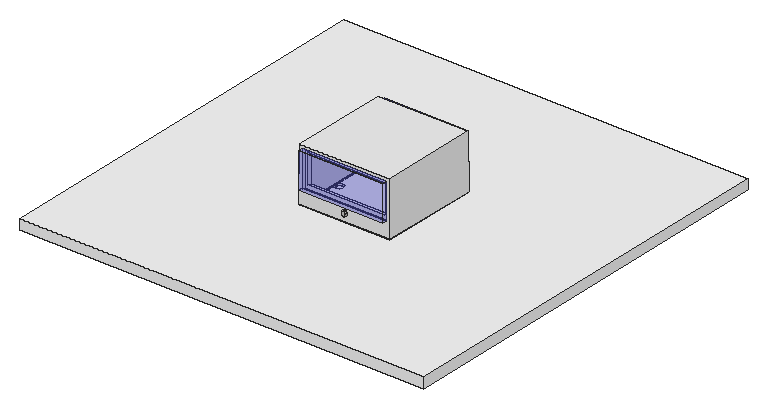
Revit family "BE_23013.1_de_DE", category Leuchten, Revit 2020
Family settings
  Basisbauteil = Fläche
  Bemaßung runder Anschluss = Durchmesser verwenden
  Teiletyp = Normal
  Beim Laden mit Abzugskörper schneiden = Ja
  Lichtquelle = Ja
  Gemeinsam genutzt = Nein
  Raumberechnungspunkt = Ja
Parameters (values of type "BEGA_23013.1_K3")
  built-in parameter 1150104 = 11.724 (stored number, unit not read)
  Wattage = 4.2 W
  Default Elevation = 0 mm
  built-in parameter 1150113 = 1 (stored number, unit not read)
  built-in parameter 1114218 = 1 (stored number, unit not read)
  Umgebungstemperatur = "25 °C"
  URL = "http://www.bega.de/de/produkt/23013.1"
  Typenkommentare = "© 2022 BEGA. Wir behalten uns das Recht vor, technische Änderungen ohne vorherige Ankündigung vorzunehmen."  # constant formula
  built-in parameter 1150134 = 12
  built-in parameter 1150109 = 1 (stored number, unit not read)
  Strom = ""
  built-in parameter 1150110 = 1 (stored number, unit not read)
  Spannung = 239.996 V
  Sonderanfertigung = no
  Seriennummer [instance] = "Hier können Sie die eindeutige Seriennummer für das Facility Management eintragen."
  Schutzklasse = "I"
  Schutzart = "IP 20"
  Scheinlast = 0 VA
  Produktdatenblatt = "http://www.bega.de/download/Xrfa/db/23013.1.db.de.pdf"
  Oberflächentemperatur = ""
  Neigungswinkel = 0.00°
  Model = "23013.1K4"
  Material_17 = BEGA_Reflektor
  Material_15 = BEGA_Leuchtmedium_matt
  Material_11 = BEGA_Glas_opal
  Material_09 = BEGA_Glas_klar
  Material_08 = BEGA_Oberfläche_Stahl_verzinkt
  Material_06 = BEGA_Oberfläche_Edelstahl_gebürstet
  Material_05 = BEGA_Oberfläche_Aluminium Guss
  Material_03 = BEGA_Oberfläche_Weiss_matt
  Material_02 = BEGA_Oberfläche_Silber_matt
  Material_01 [instance] = BEGA_Oberfläche_Grafit_matt
  M_W = no
  M_G = no
  M_A = no
  Logo = 0
  built-in parameter 1114217 = 1 (stored number, unit not read)
  built-in parameter 1150139 = (empty or 0)
  built-in parameter 1150105 = 42.179 (stored number, unit not read)
  built-in parameter 1150114 = 1 (stored number, unit not read)
  Lumens = 530.04 lm
  built-in parameter 1150115 = 1 (stored number, unit not read)
  Leuchtenlichtstrom = "229 lm"
  Leuchtenanzahl = ""
  Lebensdauerkriterien = "L70B50 @ 25 °C = 445000 h"
  Lastklassifizierung = Beleuchtung
  built-in parameter 1150112 = 1 (stored number, unit not read)
  Lampenlichtstrom = "530 lm"
  Lamp = "LED 4.2 W"
  LED_Modulbezeichnung = "2x LED-0234/940"
  Hersteller = "BEGA"  # constant formula
  Halbstreuwinkel = ""
  Gewicht = "0.7 kg"
  Gebrauchslageneinschränkung [instance] = ""
  Frequenz = "0/50-60 Hz"
  Farbwiedergabeindex = "CRI > 90"
  Farbtemperaturverschiebung bei Dämpfen der Lampe = <Keine Auswahl>
  Farbtemperatur = "4000 K"
  Color Filter = 16777215
  built-in parameter 1150133 = 10 (stored number, unit not read)
  Energieeffizienzklasse = "LED A++ - A"
  built-in parameter 1150137 = (empty or 0)
  built-in parameter 1150132 = (empty or 0)
  ENEC = "ja"
  Dimmbar [instance] = ""
  Photometric Web File = "BE_23013.1K4.IES"
  CE_Konformität = "ja"
  Bestellnummer = "23013.1K4"
  Beschreibung_Sonderanfertigung = "Hier können Sie Informationen zur Sonderanfertigung eintragen."
  Beschreibung = "Wandleuchte"
  built-in parameter 1150106 = 0.42179 (stored number, unit not read)
  Befestigungsbohrung = ""
  Befestigungsabstand = "68 mm"
  Ballwurfsicher = ""
  BEGA_Intern_aus = yes
  BEGA_Intern_an = yes
  BEGA_Intern_Konstruktion = yes
  BEGA_Intern = yes
  BEGA_IES = yes
  BEGA_Dummy = no
  Anschlussleitung = ""
  Anschlussleistung [instance] = "6 W"
  Anschlusskasten = ""
  built-in parameter 1150107 = 4000 (stored number, unit not read)
  built-in parameter 1150102 = (empty or 0)
  built-in parameter 1150138 = (empty or 0)
  Aktualisierung = "2019-07-05T04:00:16"
  Abstand_zur_angestrahlten_Fläche [instance] = ""
  AC/DC = "AC/DC"
Reference planes
  plane 1 "Mitte (Vorne/Hinten)": y = 0
  plane 2: z = 0
  plane 3 "Mitte (Links/Rechts)": x = 0
  plane 4 "Links": x = -45
  plane 5 "Rechts": x = 45
  plane 6 "Unten": y = -53.25
  plane 7 "Oben": y = 53.25
  plane 8 "Vorne": z = 54
  plane 9 "Hinten": z = 1
Forms (mm)
  Extrusion 1, solid, material "BEGA_Platte_Weiss"
    sketch origin (0, -1119.2, 0) x (1, 0, 0) y (0, 1, 0)
      loop
        line (-200, 1319.2) -> (-200, 919.2) -> (200, 919.2) -> (200, 1319.2) -> (-200, 1319.2)
    from 0 to -10
  Extrusion 2, solid, material "BEGA_Dummy_matt", visible <- "BEGA_Dummy"
    sketch origin (80.095, -76.023, 0) x (1, 0, 0) y (0, 1, 0)
      loop
        line (-125.095, 129.273) -> (-125.095, 22.773) -> (-35.095, 22.773) -> (-35.095, 129.273) -> (-125.095, 129.273)
    from 0 to 54
Dimensions and locks
  plane 1 "Mitte (Vorne/Hinten)" to Extrusion 1 = 200 mm
  aligned and locked: plane 2 to Extrusion 1
  aligned and locked: level to Extrusion 1
Nested families
  nested 1: "BE_23013.1" at (0, 0, 0), type "BE_23013.1"
Connectors
  electrical at (0, 0, 0), driven by "Lastklassifizierung", driven by "Spannung", driven by "Scheinlast"
    settings: index 1, voltage 239.996 V, apparent load 0 VA, apparent load phase1 0 VA, apparent load phase2 0 VA, apparent load phase3 0 VA, power factor 1, load classification "Beleuchtung", number of poles 1, system type 31, power factor state 1, is connector primary yes, connector utility no, sub classification motor no, connector description ""
Definition of nested family "BE_23013.1"
  Parameters (values of type "BE_23013.1")
    Default Elevation = 1 mm
    URL = "http://www.bega.de/de/produkt"
    Type Comments = "© 2015 BEGA. Wir behalten uns das Recht vor, technische Änderungen ohne vorherige Ankündigung vorzunehmen. "  # constant formula
    Type Image = (empty or 0)
    Neigungswinkel_um_Z2 = 0.00°
    Neigungswinkel_um_Z1 = 0.00°
    Neigungswinkel_um_Y2 = 0.00°
    Neigungswinkel_um_Y1 = 0.00°
    Neigungswinkel_um_X2 = 0.00°
    Neigungswinkel_um_X1 = 0.00°
    Material_17 = none
    Material_15 = none
    Material_11 = none
    Material_09 = none
    Material_08 = none
    Material_06 = none
    Material_05 = none
    Material_03 = none
    Material_02 = none
    Material_01 = none
    M_W = yes
    M_G = yes
    M_A = yes
    Länge_Platte = 200 mm  # constant formula
    Höhe_Platte = -10 mm  # constant formula
    Manufacturer = "BEGA"  # constant formula
    Drehwinkel_um_Z2 = 0.00°
    Drehwinkel_um_Z1 = 0.00°
    Breite_Platte = 200 mm  # constant formula
  Reference planes
    plane 1 "Mitte (Oben/Unten)": y = 0
    plane 2: z = 0
    plane 3 "Mitte (Links/Rechts)": x = 0
    plane 4: x = -45
    plane 5: z = 54
    plane 6: x = 45
    plane 7: y = 53.25
    plane 8: y = -53.25
  Forms (mm)
    Extrusion 1, solid, detail levels medium
      sketch origin (0, 0, 0) x (1, 0, 0) y (0, 1, 0)
        loop
          line (-100, 100) -> (-100, -100) -> (100, -100) -> (100, 100) -> (-100, 100)
      from 0 to -10 <- "Höhe_Platte"
    Extrusion 2, solid, material <- "Material_03", detail levels medium+fine
      sketch origin (0, 0, 0) x (0, 1, 0) y (0, 0, 1)
        loop
          line (48.25, 1) -> (48.25, 54) -> (-48.25, 54) -> (-48.25, 1) -> (-45.835, 1) -> (-45.835, 52) -> (45.835, 52) -> (45.835, 1) -> (48.25, 1)
      from -46.014 to 46.014
    Extrusion 3, solid, material <- "Material_03", detail levels medium+fine
      sketch origin (0, 0, 0) x (1, 0, 0) y (0, 0, 1)
        loop
          line (-46.014, 54) -> (-46.014, 1) -> (-43.5, 1) -> (-43.5, 54) -> (-46.014, 54)
        loop
          line (46.014, 54) -> (43.5, 54) -> (43.5, 1) -> (46.014, 1) -> (46.014, 54)
      from -48.25 to 48.25
    Extrusion 4, void
      sketch origin (0, 0, 0) x (1, 0, 0) y (0, 0, 1)
        loop
          line (-45.008, 0.549) -> (-44.065, 54.543) -> (-46.84, 54.543) -> (-46.84, 0.549) -> (-45.008, 0.549)
        loop
          line (45.008, 0.549) -> (46.84, 0.549) -> (46.84, 54.543) -> (44.065, 54.543) -> (45.008, 0.549)
      from -49.824 to 51.45
    Sweep 5, solid, material <- "Material_03", detail levels medium+fine
      path origin (0, 0, 0) x (1, 0, 0) y (0, 1, 0)
        loop
          line (45, 48.25) -> (-45, 48.25) -> (-45, -48.25) -> (45, -48.25) -> (45, 48.25)
      profile origin (0, 48.25, 0) x (0, -1, 0) y (0, 0, 1)
        loop
          line (0.5, 0) -> (4.017, 0)
          arc (4.017, 0) -> (5.077, 0.439) -> (5.517, 1.5) r 1.5
          line (5.517, 1.5) -> (5.517, 2.5)
          arc (5.517, 2.5) -> (5.663, 2.854) -> (6.017, 3) r 0.5
          line (6.017, 3) -> (42.243, 3) -> (42.243, 4) -> (6.017, 4)
          arc (6.017, 4) -> (4.956, 3.561) -> (4.517, 2.5) r 1.5
          line (4.517, 2.5) -> (4.517, 1.5)
          arc (4.517, 1.5) -> (4.37, 1.146) -> (4.017, 1) r 0.5
          line (4.017, 1) -> (0.5, 1) -> (0.5, 0)
    Extrusion 6, solid, material <- "Material_03", detail levels medium+fine
      sketch origin (0, 0, 0) x (0, 1, 0) y (0, 0, 1)
        loop
          line (6.007, 4) -> (-6.007, 4) -> (-6.007, 3) -> (6.007, 3) -> (6.007, 4)
      from -2.757 to 2.757
    Extrusion 7, void
      sketch origin (0, 0, 0) x (1, 0, 0) y (0, 1, 0)
        loop
          circle (10, 17) r 8.5
        loop
          circle (-34, -12) r 4.25
        loop
          circle (34, -12) r 4.25
      from 0 to 8
    Extrusion 8, solid, material <- "Material_03", detail levels medium+fine
      sketch origin (0, 0, 0) x (0, 1, 0) y (0, 0, 1)
        loop
          line (45.835, 52) -> (42.76, 52) -> (42.76, 13.991) -> (45.835, 13.991) -> (45.835, 52)
        loop
          line (-45.835, 52) -> (-45.835, 13.991) -> (-42.76, 13.991) -> (-42.76, 52) -> (-45.835, 52)
      from -43.09 to 43.5
    Extrusion 9, void
      sketch origin (0, 0, 0) x (0, 1, 0) y (0, 0, 1)
        loop
          line (49.5, 48.03) -> (-49.715, 48.03) -> (-49.715, 18.623) -> (49.5, 18.623) -> (49.5, 48.03)
      from -38.275 to 38.275
    Extrusion 10, void
      sketch origin (0, 0, 0) x (0, 1, 0) y (0, 0, 1)
        loop
          line (45.835, 51.347) -> (45.835, 15.347) -> (49.744, 15.347) -> (49.744, 51.347) -> (45.835, 51.347)
        loop
          line (-45.835, 51.347) -> (-49.744, 51.347) -> (-49.744, 15.347) -> (-45.835, 15.347) -> (-45.835, 51.347)
      from -41.566 to 41.769
    Extrusion 11, solid, material <- "Material_11", detail levels medium+fine
      sketch origin (0, 0, 0) x (0, 1, 0) y (0, 0, 1)
        loop
          line (53.25, 15.347) -> (53.25, 51.347) -> (45.25, 51.347) -> (45.25, 15.347) -> (53.25, 15.347)
      from -41.566 to 41.769
    Extrusion 12, solid, material <- "Material_11", detail levels medium+fine
      sketch origin (0, 0, 0) x (0, -1, 0) y (0, 0, -1)
        loop
          line (53.25, -15.347) -> (45.25, -15.347) -> (45.25, -51.347) -> (53.25, -51.347) -> (53.25, -15.347)
      from -41.566 to 41.769
    Revolve 13, void
      sketch origin (0, 0, 0) x (0, 1, 0) y (0, 0, 1)
        loop
          line (-46.138, 10.5) -> (-47.677, 10.5) -> (-48.584, 11.407) -> (-48.584, 8) -> (-46.138, 8) -> (-46.138, 10.5)
        axis (-46.138, 8) -> (-48.584, 8)
      angle from 0 to 360
    Revolve 14, solid, material <- "Material_06", detail levels fine
      sketch origin (0, 0, 0) x (0, 1, 0) y (0, 0, 1)
        loop
          line (-49.45, 10) -> (-49.45, 8) -> (-46.138, 8) -> (-46.138, 10.5) -> (-47.633, 10.5) -> (-48.25, 10) -> (-49.45, 10)
        axis (-46.138, 8) -> (-49.45, 8)
      angle from 0 to 360
  Cuts and joins
    Extrusion 4, Extrusion 9, Extrusion 10, Revolve 13 cuts Extrusion 2
    Extrusion 4, Extrusion 9, Extrusion 10, Revolve 13 cuts Extrusion 3
    Extrusion 9, Extrusion 10, Revolve 13 cuts Extrusion 8
    joined: Extrusion 2, Extrusion 3, Extrusion 8
    Extrusion 7 cuts Sweep 5
    Extrusion 7 cuts Extrusion 6
    joined: Sweep 5, Extrusion 6
  Dimensions and locks
    equal spacing: Extrusion 1 sketch curve, plane 3 "Mitte (Links/Rechts)", Extrusion 1 sketch curve
    equal spacing: Extrusion 1 sketch curve, plane 1 "Mitte (Oben/Unten)", Extrusion 1 sketch curve
    "Länge_Platte": Extrusion 1 sketch curve to Extrusion 1 sketch curve
    "Breite_Platte": Extrusion 1 sketch curve to Extrusion 1 sketch curve
    aligned and locked: Extrusion 1 to plane 2
    aligned and locked: level to Extrusion 1
  Automatic sketch dimensions
    level to Extrusion 2 sketch curve = 1 mm  (x2)
    plane 1 "Mitte (Oben/Unten)" to Extrusion 2 sketch curve = 48.25 mm
    Extrusion 2 sketch curve to Extrusion 2 sketch curve = 2.415 mm  (x2)
    Extrusion 2 sketch curve to plane 1 "Mitte (Oben/Unten)" = 45.835 mm
    Extrusion 2 sketch curve to Extrusion 2 sketch curve = 51 mm
    Extrusion 2 sketch curve to Extrusion 2 sketch curve = 2 mm
    level to Extrusion 3 sketch curve = 1 mm  (x2)
    Extrusion 3 sketch curve to plane 3 "Mitte (Links/Rechts)" = 46.014 mm
    Extrusion 3 sketch curve to Extrusion 3 sketch curve = 2.514 mm  (x2)
    plane 3 "Mitte (Links/Rechts)" to Extrusion 3 sketch curve = 43.5 mm
    Extrusion 3 sketch curve to Extrusion 3 sketch curve = 53 mm  (x2)
    Extrusion 4 sketch curve to plane 3 "Mitte (Links/Rechts)" = 46.84 mm
    level to Extrusion 4 sketch curve = 0.549 mm  (x2)
    Extrusion 4 sketch curve to Extrusion 4 sketch curve = 1.832 mm  (x2)
    Extrusion 4 sketch curve to Extrusion 4 sketch curve = 2.775 mm
    plane 3 "Mitte (Links/Rechts)" to Extrusion 4 sketch curve = 44.065 mm
    plane 3 "Mitte (Links/Rechts)" to Extrusion 4 sketch curve = 45.008 mm
    Extrusion 4 sketch curve to Extrusion 4 sketch curve = 53.994 mm  (x2)
    Sweep 5 sketch curve to plane 3 "Mitte (Links/Rechts)" = 45 mm
    plane 3 "Mitte (Links/Rechts)" to Sweep 5 sketch curve = 45 mm
    plane 1 "Mitte (Oben/Unten)" to Sweep 5 sketch curve = 48.25 mm
    Sweep 5 sketch curve to plane 1 "Mitte (Oben/Unten)" = 48.25 mm
    Sweep 5 sketch curve to Sweep 5 sketch curve = 0 mm  (x4)
    Sweep 5 sketch curve to level = 0 mm
    Sweep 5 sketch curve to profile plane = 0.5 mm
    level to Sweep 5 sketch curve = 1 mm
    Sweep 5 sketch curve to Sweep 5 sketch curve = 3.517 mm
    Sweep 5 sketch curve to Sweep 5 sketch curve = 0.5 mm  (x2)
    level to Sweep 5 sketch curve = 4 mm
    Sweep 5 sketch curve to Sweep 5 sketch curve = 36.226 mm
    plane 1 "Mitte (Oben/Unten)" to Extrusion 6 sketch curve = 6.007 mm
    level to Extrusion 6 sketch curve = 3 mm
    Extrusion 6 sketch curve to plane 1 "Mitte (Oben/Unten)" = 6.007 mm
    Extrusion 6 sketch curve to Extrusion 6 sketch curve = 1 mm
    plane 1 "Mitte (Oben/Unten)" to Extrusion 7 sketch curve = 12 mm  (x2)
    Extrusion 7 sketch curve to plane 3 "Mitte (Links/Rechts)" = 34 mm
    plane 3 "Mitte (Links/Rechts)" to Extrusion 7 sketch curve = 10 mm
    plane 3 "Mitte (Links/Rechts)" to Extrusion 7 sketch curve = 34 mm
    Extrusion 7 sketch curve to plane 1 "Mitte (Oben/Unten)" = 17 mm
    level to Extrusion 8 sketch curve = 13.991 mm  (x2)
    plane 1 "Mitte (Oben/Unten)" to Extrusion 8 sketch curve = 45.835 mm
    Extrusion 8 sketch curve to Extrusion 8 sketch curve = 3.075 mm  (x2)
    Extrusion 8 sketch curve to plane 1 "Mitte (Oben/Unten)" = 42.76 mm
    Extrusion 8 sketch curve to Extrusion 8 sketch curve = 38.009 mm  (x2)
    plane 1 "Mitte (Oben/Unten)" to Extrusion 9 sketch curve = 49.715 mm
    level to Extrusion 9 sketch curve = 18.623 mm
    Extrusion 9 sketch curve to plane 1 "Mitte (Oben/Unten)" = 49.5 mm
    Extrusion 9 sketch curve to Extrusion 9 sketch curve = 29.407 mm
    plane 1 "Mitte (Oben/Unten)" to Extrusion 10 sketch curve = 49.744 mm
    Extrusion 10 sketch curve to Extrusion 10 sketch curve = 3.91 mm  (x2)
    level to Extrusion 10 sketch curve = 15.347 mm  (x2)
    Extrusion 10 sketch curve to plane 1 "Mitte (Oben/Unten)" = 45.835 mm
    Extrusion 10 sketch curve to Extrusion 10 sketch curve = 36 mm  (x2)
    level to Extrusion 11 sketch curve = 15.347 mm
    Extrusion 11 sketch curve to plane 1 "Mitte (Oben/Unten)" = 45.25 mm
    Extrusion 11 sketch curve to Extrusion 11 sketch curve = 8 mm
    Extrusion 11 sketch curve to Extrusion 11 sketch curve = 36 mm
    Extrusion 12 sketch curve to level = 15.347 mm
    Extrusion 12 sketch curve to plane 1 "Mitte (Oben/Unten)" = 45.25 mm
    Extrusion 12 sketch curve to Extrusion 12 sketch curve = 8 mm
    Extrusion 12 sketch curve to Extrusion 12 sketch curve = 36 mm
    level to Revolve 14 sketch curve = 10 mm
    plane 1 "Mitte (Oben/Unten)" to Revolve 14 sketch curve = 49.45 mm
    Revolve 14 sketch curve to Revolve 14 sketch curve = 1.2 mm
    level to Revolve 14 sketch curve = 10.5 mm
    Revolve 14 sketch curve to Revolve 14 sketch curve = 0.617 mm
    Revolve 14 sketch curve to Revolve 14 sketch curve = 1.494 mm
    Revolve 14 sketch curve to Revolve 14 sketch curve = 2.5 mm
    Revolve 14 sketch curve to Revolve 14 sketch curve = 0 mm  (x3)
    level to Revolve 13 sketch curve = 8 mm
    plane 1 "Mitte (Oben/Unten)" to Revolve 13 sketch curve = 48.584 mm
    Revolve 13 sketch curve to Revolve 13 sketch curve = 0.907 mm  (x2)
    Revolve 13 sketch curve to Revolve 13 sketch curve = 2.445 mm
    Revolve 13 sketch curve to Revolve 13 sketch curve = 2.5 mm
    Revolve 13 sketch curve to Revolve 13 sketch curve = 0 mm  (x3)
    radius of Extrusion 7 sketch curve = 8.5 mm
    radius of Extrusion 7 sketch curve = 4.25 mm  (x2)
